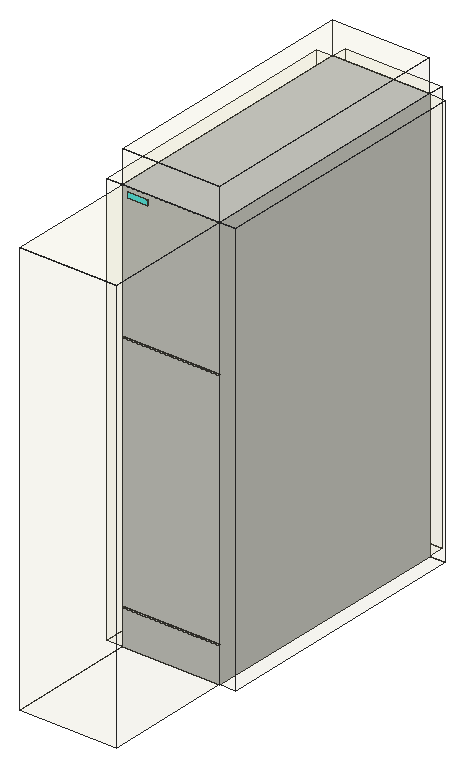
Revit family "Siemens_MV_switchgear_gas-insulated_8DA10_40.5kV", category Electrical Fixtures, Revit 2016
Family settings
  Maintain Annotation Orientation = No
  Part Type = Normal
  Round Connector Dimension = Use Diameter
  OmniClass Number = 23.80.00.00
  OmniClass Title = Electric Power and Lighting
  Work Plane-Based = No
  Always vertical = Yes
  Cut with Voids When Loaded = No
  Shared = No
  Room Calculation Point = No
Parameters (values of type "Cable connection panel")
  Product data url = "https://bimobject.com/siemens/product/Siemens_MV_switchgear_gas-insulated_8DA10_40-5kV"
  Product Guid = "e60fa22a-fdec-445f-93e5-cca8522a5483"
  Edition number = 1
  Capacitive voltage indicator at feeder = "CAPDIS-S1+; CAPDIS-S2+; LRM; VOIS+; VOIS R+; WEGA 1.2 C; WEGA 1.c Vario; WEGA 2.2 C; WEGA 3"
  B for Typ = 600 mm
  Current transformer at busbar, right panel = "n/a"
  Capacitive voltage indicator at busbar, right panel = "n/a"
  Capacitive voltage indicator at busbar = "n/a"
  Busbar connection, right panel = "n/a"
  Earthing switch at busbar, right panel = "n/a"
  Voltage transformer busbar, right panel = "n/a"
  Voltage transformer busbar, left panel = "n/a"
  Vacuum circuit breaker = "n/a"
  Release combination = "n/a"
  Number of cables (per phase) = "1 - 6"
  Panel conection = "cable with inside-cone plug; bar connection"
  Zero-sequence current transformer = "n/a"
  Kabeldurchbruch [instance] = yes
  Earthing switch at busbar, left panel = "n/a"
  Current transformer at feeder = "n/a"
  Voltage transformer at feeder = "n/a"
  Top mounted bus sectionalizer = "n/a"
  Capacitive voltage indicator at circuit breaker = "n/a"
  Capacitive voltage indicator at busbar, left panel = "n/a"
  Capacitive voltage indicator at busbar and feeder = "n/a"
  Busbar connection, left panel = "n/a"
  Busbar connection = "n/a"
  Current transformer at busbar = "without; with protection core or/and measuring core"
  Voltage transformer at busbar = "n/a"
  Earthing switch at busbar = "n/a"
  2nd three-position switch = "n/a"
  2nd electromechanical interlock = "n/a"
  2nd Protection device = "n/a"
  V4 = V = 4  # no
  V3 = V = 3  # no
  V = 2
  Protection device = "n/a"
  Operating voltage (kV) = "3.3 - 38"
  Type of arrangement Wall standing [instance] = yes
  Type of arrangement Free standing [instance] = not(Type of arrangement Wall standing)  # no
  Type of arrangement = "wall-standing; free-standing"
  Technical description MV-switchgear = "www.siemens.com/medium-voltage-switchgear"
  Switchgear type = "8DA10"
  Standards = "IEC / GOST / GB / UL"
  Specification texts = "www.siemens.com/specifications"
  Raised frame [instance] = yes
  Note = "Lateral switchgear termination have to be placed at both ends of switchgear rows, not allowed between cubicles"
  Lateral switchgear termination [instance] = LST : None
  LST_Typ [instance] = if(Lateral switchgear termination = LST_1, 1, if(Lateral switchgear termination = LST_2, 2, 3))  # 3
  LST_3 = LST : None
  LST_2 = LST : Lateral switchgear termination right
  LST_1 = LST : Lateral switchgear termination left
  PaneltypNr [instance] = 2
  Surge arrester = "n/a"
  SIMARIS planning tools = "www.siemens.com/simaris"
  Rated voltage (kV) = "4.76 - 40.5"
  Rated short-time withstand current (kA/s) = "25/3;31.5/3;40/3"
  Rated short-duration power-frequency withstand voltage (kV) = "28 - 95"
  Rated normal current busbar (A) = "1250 - 5000"
  Rated lightning impulse withstand voltage (kV) = "75 - 200"
  Rated frequency (Hz) = "50;60"
  Rated normal current feeder (A) = "1250; 2000; 2500; 2750; 3150"
  Panel type = "CC"
  Three-position switch = "manual operated; motor operated"
  Line_h1 [instance] = if(Height LV compartment 850mm, 600 mm, 900 mm)  # 600 mm
  Internal arc classification = "IAC A FL; IAC A FLR"
  Hges_Cl_Top [instance] = H + 200 mm  # 2770 mm
  Hges_Cl_H [instance] = H  # 2570 mm
  Height LV compartment 1200mm [instance] = not(Height LV compartment 850mm)  # no
  Height LV compartment 850mm [instance] = yes
  Druckabsorber_sichtbar [instance] = no
  Electromechanical interlock = "n/a"
  Clearence for only operating [instance] = yes
  Number of operating cycle = "n/a"
  T [instance] = 1625 mm  # constant formula
  Consultant support for Totally Integrated Power (TIP) = "www.siemens.com/tip-cs"
  Clearance [instance] = yes
  Rated Current = ""
  Model = "Cable connection panel"
  Manufacturer = "Siemens AG"
  IFC Classification = "Electric Distribution"
  Hges [instance] = H  # 2570 mm
  DrAb_U [instance] = 0 mm  # constant formula
  H [instance] = (if(Raised frame, 220 mm, 0 mm)) + 1500 mm + (if(Height LV compartment 850mm, 850 mm, 1200 mm))  # 2570 mm
  Manufacturer = "Siemens AG"
  Cl_v_T [instance] = if(Clearence for only operating, 800 mm, 800 mm)  # 800 mm
  Cl_r_B [instance] = if(and(LST_Typ = 2, not(Clearence for only operating)), B_all + 500 mm, B_all + 100 mm)  # 700 mm
  Cl_l_B [instance] = if(and(LST_Typ = 1, not(Clearence for only operating)), -500 mm, -100 mm)  # -100 mm
  Cl_H_T [instance] = if(Type of arrangement Wall standing, 100 mm, 800 mm)  # 100 mm
  Degree of protection = "IP 3XD; IP31D; IP41; IP65; IK07"
  B_all [instance] = if(V = 2, B, if(V = 3, B + 310 mm, 2 * B))  # 600 mm
  B [instance] = if(or(LST_Typ = 1, LST_Typ = 2), B for Typ + 125 mm, B for Typ)  # 600 mm
  Accessory = "Lateral switchgear termination"
  1st electromechanical interlock = "n/a"
Types (6, lengths in mm): name | Capacitive voltage indicator at feeder | B for Typ | Current transformer at busbar, right panel | Capacitive voltage indicator at busbar, right panel | Capacitive voltage indicator at busbar | Busbar connection, right panel | Earthing switch at busbar, right panel | Voltage transformer busbar, right panel | Voltage transformer busbar, left panel | Vacuum circuit breaker | Release combination | Number of cables (per phase) | Panel conection | Zero-sequence current transformer | Kabeldurchbruch | Earthing switch at busbar, left panel | Current transformer at feeder | Voltage transformer at feeder | Top mounted bus sectionalizer | Capacitive voltage indicator at circuit breaker | Capacitive voltage indicator at busbar, left panel | Capacitive voltage indicator at busbar and feeder | Busbar connection, left panel | Busbar connection | Current transformer at busbar | Voltage transformer at busbar | Earthing switch at busbar | 2nd three-position switch | 2nd electromechanical interlock | 2nd Protection device | Protection device | Lateral switchgear termination | LST_Typ | Surge arrester | Rated normal current feeder (A) | Panel type | Three-position switch | Electromechanical interlock | Number of operating cycle | Model | Cl_r_B | B_all | B | 1st electromechanical interlock
  Circuit-breaker panel | "n/a" | 600 | "n/a" | "n/a" | "n/a" | "n/a" | "n/a" | "n/a" | "n/a" | "n/a" | "n/a" | "1 - 6" | "with inside-cone plug; bar connection" | "without; with" | yes | "n/a" | "without; with protection core or/and measuring core" | "without; directly plugged-in; plugged-in with cable connection" | "without; with" | "n/a" | "n/a" | "CAPDIS-S1+; CAPDIS-S2+; LRM; VOIS+; VOIS R+; WEGA 1.2 C; WEGA 1.c Vario; WEGA 2.2 C; WEGA 3" | "n/a" | "without; with; with three-position disconnector" | "without; with protection core or/and measuring core" | "without; with; with three-position switch" | "without; earthing switch; make-proof earthing switch" | "n/a" | "n/a" | "without; with (see www.siemens.com/protection)" | "with (further informations: www.siemens.com/protection)" | LST : None | 3 | "without;with" | "1250A: 2000A; 2500A; 2750A; 3150A" | "LS" | "manual operated; motor operated" | "without; Earthing switch; Disconnector; Disconnector and earthing switch" | "2000/1000/-" | "Circuit-breaker panel" | 700 | 600 | 600 | "n/a"
  Bus sectionalizer longtudinal | "n/a" | 1200 | "without; with protection core" | "without; CAPDIS-S1+; CAPDIS-S2+; LRM; VOIS+; VOIS R+; WEGA 1.2 C; WEGA 1.c Vario; WEGA 2.2 C; WEGA 3" | "n/a" | "without; with; with three-position disconnector" | "without; earthing switch; make-proof earthing switch" | "without; with; with three-position switch" | "without; with; with three-position switch" | "right panel; left panel" | "1f (-Y1); 2f (-Y1, -Y2); 1f (-Y1) + 1r (-Y7); 2f- (-Y1, -Y2) + 1r (-Y7)" | "n/a" | "n/a" | "n/a" | no | "without; earthing switch; make-proof earthing switch" | "n/a" | "n/a" | "n/a" | "same panel as circuit breaker: CAPDIS-S1+; CAPDIS-S2+; LRM; VOIS+; VOIS R+; WEGA 1.2 C; WEGA 1.c Vario; WEGA 2.2 C; WEGA 3" | "without; CAPDIS-S1+; CAPDIS-S2+; LRM; VOIS+; VOIS R+; WEGA 1.2 C; WEGA 1.c Vario; WEGA 2.2 C; WEGA 3" | "n/a" | "without; with; with three-position disconnector" | "n/a" | "without; same panel as circuit breaker and with protection core or/and measuring core" | "n/a" | "n/a" | "manual operated; motor operated" | "without; Earthing switch; Disconnector; Disconnector and earthing switch" | "n/a" | "with (further informations: www.siemens.com/protection)" | LST : Lateral switchgear termination left | 1 | "n/a" | "1250A: 2000A; 2500A; 2750A; 3150A" | "LK" | "manual operated; motor operated" | "n/a" | "at rated normal current: 10000; optional 30000 / at rated short-cicuit breaking current: 50" | "Bus sectionalizer longtudinal" | 1425 | 1325 | 1325 | "without; Earthing switch; Disconnector; Disconnector and earthing switch"
  Metering panel | "n/a" | 600 | "n/a" | "n/a" | "without; CAPDIS-S1+; CAPDIS-S2+; LRM; VOIS+; VOIS R+; WEGA 1.2 C; WEGA 1.c Vario; WEGA 2.2 C; WEGA 3" | "n/a" | "n/a" | "n/a" | "n/a" | "n/a" | "n/a" | "n/a" | "n/a" | "n/a" | no | "n/a" | "n/a" | "without; 3 x single-pole; 3 x single-pole with earth-fault winding and damping resistor" | "n/a" | "n/a" | "n/a" | "n/a" | "n/a" | "n/a" | "without; with protection core or/and measuring core" | "without; with; with three-position switch" | "without; earthing switch; make-proof earthing switch" | "n/a" | "n/a" | "n/a" | "n/a" | LST : None | 3 | "n/a" | "n/a" | "ME" | "manual operated; motor operated" | "n/a" | "n/a" | "Metering panel" | 700 | 600 | 600 | "n/a"
  Cable connection panel | "CAPDIS-S1+; CAPDIS-S2+; LRM; VOIS+; VOIS R+; WEGA 1.2 C; WEGA 1.c Vario; WEGA 2.2 C; WEGA 3" | 600 | "n/a" | "n/a" | "n/a" | "n/a" | "n/a" | "n/a" | "n/a" | "n/a" | "n/a" | "1 - 6" | "cable with inside-cone plug; bar connection" | "n/a" | yes | "n/a" | "n/a" | "n/a" | "n/a" | "n/a" | "n/a" | "n/a" | "n/a" | "n/a" | "without; with protection core or/and measuring core" | "n/a" | "n/a" | "n/a" | "n/a" | "n/a" | "n/a" | LST : None | 3 | "n/a" | "1250; 2000; 2500; 2750; 3150" | "CC" | "manual operated; motor operated" | "n/a" | "n/a" | "Cable connection panel" | 700 | 600 | 600 | "n/a"
  Empty panel | "n/a" | 600 | "n/a" | "n/a" | "n/a" | "n/a" | "n/a" | "n/a" | "n/a" | "n/a" | "n/a" | "n/a" | "n/a" | "n/a" | no | "n/a" | "n/a" | "n/a" | "n/a" | "n/a" | "n/a" | "n/a" | "n/a" | "n/a" | "n/a" | "n/a" | "n/a" | "n/a" | "n/a" | "n/a" | "n/a" | LST : None | 3 | "n/a" | "n/a" | "EP" | "n/a" | "n/a" | "n/a" | "Empty panel" | 700 | 600 | 600 | "n/a"
  Disconnector panel | "n/a" | 600 | "n/a" | "n/a" | "n/a" | "n/a" | "n/a" | "n/a" | "n/a" | "n/a" | "n/a" | "1 - 6" | "with inside-cone plug; bar connection" | "without; with" | yes | "n/a" | "without; with protection core or/and measuring core" | "without; directly plugged-in; plugged-in with cable connection" | "without; with" | "n/a" | "n/a" | "CAPDIS-S1+; CAPDIS-S2+; LRM; VOIS+; VOIS R+; WEGA 1.2 C; WEGA 1.c Vario; WEGA 2.2 C; WEGA 3" | "n/a" | "without; with; with three-position disconnector" | "without; with protection core or/and measuring core" | "without; with; with three-position switch" | "without; earthing switch; make-proof earthing switch" | "n/a" | "n/a" | "without; with (see www.siemens.com/protection)" | "with (further informations: www.siemens.com/protection)" | LST : None | 3 | "without;with" | "1250A: 2000A; 2500A; 2750A; 3150A" | "TS" | "manual operated; motor operated" | "without; Earthing switch; Disconnector; Disconnector and earthing switch" | "2000/1000/-" | "Disconnector panel" | 700 | 600 | 600 | "n/a"
Reference planes
  plane 1 "Mitte (Vorne/Hinten)": y = 0
  plane 2: z = 0
  plane 3 "Mitte (Links/Rechts)": x = 0
  plane 4 "Schrankunterkante": z = 0
  plane 5 "Hinterkant Schrank": y = 1625
  plane 6: z = 2570
  plane 7 "H": z = 2570
  plane 8 "EP -RRT -R": x = 600
  plane 9 "Linien": y = -1
Forms (mm)
  Extrusion 1, solid, material "Glas unsichtbar", visible <- "Clearance"
    sketch origin (0, 0, 0) x (0, 1, 0) y (0, 0, 1)
      loop
        line (0, 2570) -> (-800, 2570) -> (-800, 0) -> (0, 0) -> (0, 2570)
    from 0 to 600 <- "B_all"
  Extrusion 2, solid, material "Glas unsichtbar", visible <- "Clearance"
    sketch origin (0, 2746.306, -1522.302) x (0, 1, 0) y (0, 0, 1)
      loop
        line (-1121.306, 4092.302) -> (-2746.306, 4092.302) -> (-2746.306, 1522.302) -> (-1121.306, 1522.302) -> (-1121.306, 4092.302)
    from -100 <- "Cl_l_B" to 0
  Extrusion 3, solid, material "Glas unsichtbar", visible <- "Clearance"
    sketch origin (0, -2515.375, 1319.373) x (0, 1, 0) y (0, 0, 1)
      loop
        line (4140.375, 1250.627) -> (2515.375, 1250.627) -> (2515.375, -1319.373) -> (4140.375, -1319.373) -> (4140.375, 1250.627)
    from 600 <- "B_all" to 700 <- "Cl_r_B"
  Extrusion 4, solid, material "Glas unsichtbar", visible <- "Clearance"
    sketch origin (0, 889.07, 278.53) x (0, 1, 0) y (0, 0, 1)
      loop
        line (835.93, -278.53) -> (835.93, 2291.47) -> (735.93, 2291.47) -> (735.93, -278.53) -> (835.93, -278.53)
    from 0 to 600 <- "B_all"
  Extrusion 5, solid, material "Glas unsichtbar", visible <- "Clearance"
    sketch origin (0, -5930.661, 4152.693) x (0, 1, 0) y (0, 0, 1)
      loop
        line (7555.661, -1382.693) -> (5930.661, -1382.693) -> (5930.661, -1582.693) -> (7555.661, -1582.693) -> (7555.661, -1382.693)
    from 0 to 600 <- "B_all"
Dimensions and locks
  "Cl_v_T": Extrusion 1 sketch curve to Extrusion 1 sketch curve
  "DrAb_U": plane 4 "Schrankunterkante" to plane 2
  "Hges": Extrusion 1 sketch curve to Extrusion 1 sketch curve
  "T": Extrusion 2 sketch curve to Extrusion 2 sketch curve
  "Hges": Extrusion 2 sketch curve to Extrusion 2 sketch curve
  "T": Extrusion 3 sketch curve to Extrusion 3 sketch curve
  "Hges": Extrusion 3 sketch curve to Extrusion 3 sketch curve
  "Cl_H_T": Extrusion 4 sketch curve to Extrusion 4 sketch curve
  "T": plane 5 "Hinterkant Schrank" to plane 1 "Mitte (Vorne/Hinten)"
  "T": Extrusion 5 sketch curve to Extrusion 5 sketch curve
  "Hges": plane 6 to level
  "Hges_Cl_H": Extrusion 4 sketch curve to Extrusion 4 sketch curve
  "Hges_Cl_Top": Extrusion 5 sketch curve to level
  "H": plane 4 "Schrankunterkante" to plane 7 "H"
  nested 1 to nested 1 = 600 mm
  "B": plane 3 "Mitte (Links/Rechts)" to plane 8 "EP -RRT -R"
  plane 1 "Mitte (Vorne/Hinten)" to plane 9 "Linien" = 1 mm
  aligned and locked: level to plane 2
  aligned and locked: plane 1 "Mitte (Vorne/Hinten)" to Extrusion 1 sketch curve
  aligned and locked: Extrusion 2 to level
  aligned and locked: plane 1 "Mitte (Vorne/Hinten)" to Extrusion 2
  aligned and locked: Extrusion 3 to level
  aligned and locked: plane 1 "Mitte (Vorne/Hinten)" to Extrusion 3
  aligned and locked: Extrusion 4 to level
  aligned and locked: plane 5 "Hinterkant Schrank" to Extrusion 4
  aligned and locked: Extrusion 5 to plane 6
  aligned and locked: plane 1 "Mitte (Vorne/Hinten)" to Extrusion 5
  aligned and locked: plane 3 "Mitte (Links/Rechts)" to nested 1
  aligned and locked: nested 1 to level
  aligned and locked: plane 5 "Hinterkant Schrank" to nested 1
Automatic sketch dimensions
  plane 1 "Mitte (Vorne/Hinten)" to Extrusion 5 sketch curve = 0 mm
  Extrusion 5 sketch curve to plane 4 "Schrankunterkante" = 2570 mm
  Extrusion 2 sketch curve to plane 1 "Mitte (Vorne/Hinten)" = 0 mm
  Extrusion 2 sketch curve to level = 0 mm
  Extrusion 3 sketch curve to plane 1 "Mitte (Vorne/Hinten)" = 0 mm
  Extrusion 3 sketch curve to level = 0 mm
  Extrusion 4 sketch curve to level = 0 mm
  Extrusion 4 sketch curve to plane 5 "Hinterkant Schrank" = 0 mm
  Extrusion 1 sketch curve to level = 0 mm
Nested families
  nested 1: "8DA - Basic" at (0, 1625, 0), B <- "B", H <- "H", T <- "T", LST_Typ <- "LST_Typ", Raised frame <- "Raised frame", Kabeldurchbruch <- "Kabeldurchbruch", type "Test"
    with XB_AE 1625 mm, T 1625 mm, Sch_h1 2540 mm, Sch_ab1 30 mm, Raised frame yes, LST_Typ 3, Kabeldurchbruch yes, Kab_u_t 1145 mm, Kab_u_b 510 mm, Kab_u_ab_vh 80 mm, Kab_u2_b1 900 mm, Kab_u1_b1 45 mm, Kab_mit 1, H 2570 mm, GK1_t 1625 mm, GK1_h 2570 mm, Bef_b1 0 mm, Bef2_sichtbar no, Bef2_b1 600 mm, B 600 mm, Ab4_b2 910 mm, Ab4_b1 900 mm, Ab3_b2 710 mm, Ab3_b1 700 mm, Ab2_h1 1720 mm, Ab2_b2 600 mm, Ab2_b1 0 mm, Ab1_h1 220 mm, Ab1_b2 600 mm, Ab1_b1 0 mm
Definition of nested family "8DA - Basic"
  Parameters (values of type "Test")
    XB_AE [instance] = T  # 1625 mm
    T [instance] = 1625 mm
    Sch_h1 [instance] = H - 30 mm  # 2540 mm
    Sch_ab1 [instance] = if(LST_Typ = 1, 152 mm + 30 mm, 30 mm)  # 182 mm
    Raised frame [instance] = yes
    PA_b = 80 mm  # constant formula
    Manufacturer = "Siemens AG"
    LST_Typ [instance] = 1
    Kabeldurchbruch [instance] = yes
    Kab_u_t [instance] = 1145 mm  # constant formula
    Kab_u_b [instance] = 600 mm - (2 mm * 45)  # 510 mm
    Kab_u2_b1 [instance] = if(B < 1000 mm, B + 300 mm, Kab_u1_b1 + 600 mm)  # 797 mm
    Kab_u1_b1 [instance] = if(Kabeldurchbruch, if(LST_Typ = 1, 152 mm + 45 mm, 45 mm), B + 400 mm)  # 197 mm
    Kab_u_ab_vh [instance] = 80 mm  # constant formula
    Kab_mit [instance] = 1
    IFC Classification = "Electric Distribution"
    H [instance] = 2570 mm
    built-in parameter 1010108 = "Siemens AG"
    GK1_t [instance] = T  # 1625 mm
    GK1_h [instance] = H  # 2570 mm
    Bef_b1 [instance] = if(LST_Typ = 1, 152 mm, if(LST_Typ = 2, 0 mm, 0 mm))  # 152 mm
    Bef2_sichtbar [instance] = B > 1000 mm  # yes
    Bef2_b1 [instance] = if(LST_Typ = 1, 152 mm, if(LST_Typ = 2, 0 mm, 0 mm)) + 600 mm  # 752 mm
    B [instance] = 1352 mm
    Ab4_b2 [instance] = Ab4_b1 + 10 mm  # 757 mm
    Ab4_b1 [instance] = if(B < 1000 mm, B + 300 mm, if(LST_Typ = 1, (B - 152 mm) / 2 - 5 mm + 152 mm, if(LST_Typ = 2, (B - 152 mm) / 2 - 5 mm, B / 2 - 5 mm)))  # 747 mm
    Ab3_b2 [instance] = Ab3_b1 + 10 mm  # 162 mm
    Ab3_b1 [instance] = if(LST_Typ = 1, 152 mm, if(LST_Typ = 2, B - 152 mm - 10 mm, B + 100 mm))  # 152 mm
    Ab2_h1 [instance] = if(Raised frame, 220 mm + 1500 mm, 1500 mm)  # 1720 mm
    Ab2_b2 [instance] = if(LST_Typ = 2, B - 152 mm - 10 mm, Ab1_b1 + B)  # 1504 mm
    Ab2_b1 [instance] = if(LST_Typ = 1, 152 mm, if(LST_Typ = 2, 0 mm, 0 mm))  # 152 mm
    Ab1_h1 [instance] = if(Raised frame, 220 mm, 4000 mm)  # 220 mm
    Ab1_b2 [instance] = if(LST_Typ = 2, B - 152 mm - 10 mm, Ab1_b1 + B)  # 1504 mm
    Ab1_b1 [instance] = if(LST_Typ = 1, 152 mm, if(LST_Typ = 2, 0 mm, 0 mm))  # 152 mm
  Reference planes
    plane 1 "Mitte (Vorne/Hinten)": y = 0
    plane 2: z = 0
    plane 3 "Mitte (Links/Rechts)": x = 0
    plane 4 "Bedienelemente": y = -1625
    plane 5 "Kabeldurchbruch": y = -491
    plane 6: x = 1352
  Forms (mm)
    Extrusion 1, solid
      sketch origin (0, 0, 0) x (0, 1, 0) y (0, 0, 1)
        loop
          line (-1625, 0) -> (0, 0) -> (0, 2570) -> (-1625, 2570) -> (-1625, 0)
      from 0 to 1352 <- "B"
    Extrusion 2, void
      sketch origin (0, 216.337, -0.433) x (0, 1, 0) y (0, 0, 1)
        loop
          line (-1831.337, 230.433) -> (-1841.337, 230.433) -> (-1841.337, 220.433) -> (-1831.337, 220.433) -> (-1831.337, 230.433)
      from 152 <- "Ab1_b1" to 1504 <- "Ab1_b2"
    Extrusion 3, void
      sketch origin (0, 209.745, 34.036) x (0, 1, 0) y (0, 0, 1)
        loop
          line (-1824.745, 1685.964) -> (-1824.745, 1695.964) -> (-1834.745, 1695.964) -> (-1834.745, 1685.964) -> (-1824.745, 1685.964)
      from 152 <- "Ab2_b1" to 1504 <- "Ab2_b2"
    Extrusion 4, void
      sketch origin (0, 0, 0) x (0, 1, 0) y (0, 0, 1)
        loop
          line (-1625, 2570) -> (-1625, 0) -> (-1615, 0) -> (-1615, 2570) -> (-1625, 2570)
      from 152 <- "Ab3_b1" to 162 <- "Ab3_b2"
    Extrusion 5, void
      sketch origin (0, -50, 0) x (0, 1, 0) y (0, 0, 1)
        loop
          line (-1575, 2570) -> (-1575, 0) -> (-1565, 0) -> (-1565, 2570) -> (-1575, 2570)
      from 747 <- "Ab4_b1" to 757 <- "Ab4_b2"
    Extrusion 6, void
      sketch origin (0, 0, 0) x (1, 0, 0) y (0, 1, 0)
        loop
          line (197, -80) -> (197, -1225) -> (707, -1225) -> (707, -80) -> (197, -80)
      from 0 to 10
    Extrusion 7, void
      sketch origin (0, 0, 0) x (1, 0, 0) y (0, 1, 0)
        loop
          line (797, -80) -> (797, -1225) -> (1307, -1225) -> (1307, -80) -> (797, -80)
      from 0 to 10
  Cuts and joins
    Extrusion 2, Extrusion 3, Extrusion 4, Extrusion 5, Extrusion 6, Extrusion 7 cuts Extrusion 1
  Dimensions and locks
    "GK1_h": Extrusion 1 sketch curve to Extrusion 1 sketch curve
    "XB_AE": plane 1 "Mitte (Vorne/Hinten)" to plane 4 "Bedienelemente"
    "GK1_t": Extrusion 1 sketch curve to Extrusion 1 sketch curve
    plane 5 "Kabeldurchbruch" to plane 1 "Mitte (Vorne/Hinten)" = 491 mm
    "Sch_h1": nested 1 to level
    "Sch_ab1": nested 1 to plane 3 "Mitte (Links/Rechts)"
    "B": plane 3 "Mitte (Links/Rechts)" to plane 6
    "Ab1_h1": Extrusion 2 sketch curve to level
    locked: Extrusion 2 sketch curve to Extrusion 2 sketch curve at 10  (x2)
    "T": plane 1 "Mitte (Vorne/Hinten)" to Extrusion 2 sketch curve
    locked: Extrusion 3 sketch curve to Extrusion 3 sketch curve at 10  (x2)
    "Ab2_h1": Extrusion 3 sketch curve to level
    "T": plane 1 "Mitte (Vorne/Hinten)" to Extrusion 3 sketch curve
    "H": Extrusion 4 sketch curve to Extrusion 4 sketch curve
    locked: Extrusion 4 sketch curve to Extrusion 4 sketch curve at 10
    "T": plane 1 "Mitte (Vorne/Hinten)" to Extrusion 4 sketch curve
    "H": Extrusion 5 sketch curve to Extrusion 5 sketch curve
    locked: Extrusion 5 sketch curve to Extrusion 5 sketch curve at 10
    "T": plane 1 "Mitte (Vorne/Hinten)" to Extrusion 5 sketch curve
    cut or joined group of Extrusion 1, Extrusion 2, Extrusion 3, Extrusion 4, Extrusion 5, Extrusion 6, Extrusion 7 to cut or joined group of Extrusion 1, Extrusion 2, Extrusion 3, Extrusion 4, Extrusion 5, Extrusion 6, Extrusion 7 = 1720 mm
    "Bef_b1": plane 3 "Mitte (Links/Rechts)" to nested 2
    "Bef2_b1": plane 3 "Mitte (Links/Rechts)" to nested 3
    "Kab_u_b": Extrusion 6 sketch curve to Extrusion 6 sketch curve
    "Kab_u_t": Extrusion 6 sketch curve to Extrusion 6 sketch curve
    "Kab_u_ab_vh": Extrusion 6 sketch curve to plane 1 "Mitte (Vorne/Hinten)"
    "Kab_u1_b1": plane 3 "Mitte (Links/Rechts)" to Extrusion 6 sketch curve
    "Kab_u_t": Extrusion 7 sketch curve to Extrusion 7 sketch curve
    "Kab_u_ab_vh": Extrusion 7 sketch curve to plane 1 "Mitte (Vorne/Hinten)"
    "Kab_u_b": Extrusion 7 sketch curve to Extrusion 7 sketch curve
    "Kab_u2_b1": plane 3 "Mitte (Links/Rechts)" to Extrusion 7 sketch curve
    aligned and locked: level to plane 2
    aligned and locked: level to Extrusion 1 sketch curve
    aligned and locked: plane 1 "Mitte (Vorne/Hinten)" to Extrusion 1 sketch curve
    aligned and locked: plane 4 "Bedienelemente" to nested 1
    aligned and locked: plane 1 "Mitte (Vorne/Hinten)" to nested 2
    aligned and locked: Extrusion 4 sketch curve to level
    aligned and locked: plane 1 "Mitte (Vorne/Hinten)" to nested 3
  Automatic sketch dimensions
    Extrusion 5 sketch curve to level = 0 mm
  Nested families
    nested 1: "Siemens Schild" at (262, -1625, 2545), type "Test"
    nested 2: "Befestigung 600mm" at (452, 0, 0), type "Fastening"
    nested 3: "Befestigung 600mm" at (1052, 0, 0), visible <- "Bef2_sichtbar", type "Fastening"
  Definition of nested family "Siemens Schild"
    Parameters (values of type "Test")
      Schild_Text_Tiefe = 0 mm  # constant formula
      Schild_Text_H = Schild_G_H - 10 mm  # 20 mm
      Schild_Text_T1 = Schild_T + Schild_G_T + 0.5 mm  # 6.5 mm
      Schild_T = 5 mm
      Schild_Rand = 5 mm
      Schild_L2 = Schild_L / 2  # 50 mm
      Schild_L = 100 mm  # constant formula
      Schild_H = 80 mm
      Schild_G_T = 1 mm
      Schild_G_L = 125 mm  # constant formula
      Schild_G_H = 30 mm  # constant formula
      Manufacturer = "Siemens AG"
      IFC Classification = "Electric Distribution"
      built-in parameter 1010108 = "Siemens AG"
    Reference planes
      plane 1 "Mitte (Vorne/Hinten)": y = 0
      plane 2: z = 0
      plane 3 "Mitte (Links/Rechts)": x = 0
      plane 4 "Einfiegefläche_Text": y = -1.5
    Forms (mm)
      Extrusion 1, solid
        sketch origin (-265.883, 0, -2089.227) x (1, 0, 0) y (0, 0, 1)
          loop
            line (185.883, 2054.227) -> (310.883, 2054.227) -> (310.883, 2084.227) -> (185.883, 2084.227) -> (185.883, 2054.227)
        from 0 to 1
    Dimensions and locks
      "Schild_G_L": Extrusion 1 sketch curve to Extrusion 1 sketch curve
      "Schild_G_H": Extrusion 1 sketch curve to Extrusion 1 sketch curve
      locked: plane 1 "Mitte (Vorne/Hinten)" to plane 4 "Einfiegefläche_Text" at 1.5
      aligned and locked: level to plane 2
    Automatic sketch dimensions
      Extrusion 1 sketch curve to level = 5 mm
      Extrusion 1 sketch curve to plane 3 "Mitte (Links/Rechts)" = 80 mm
  Definition of nested family "Befestigung 600mm"
    Parameters (values of type "Fastening")
      visible2 = 2 > 1  # yes
      WidthUpTo840 = and(not(Width620), not(Width840))  # yes
      WidthUpTo620 = not(Width620)  # yes
      Width840 = if(Width = 840 mm, 1 < 2, 1 > 2)  # no
      Width620 = if(Width = 620 mm, 1 < 2, 1 > 2)  # no
      Width = 600 mm
      Visible = 1 > 2  # no
      Depth = 1625 mm
      Cable cutout = if(or(Width = 430 mm, Width = 310 mm), 400 mm, if(Width = 500 mm, 380 mm, if(or(Width = 620 mm, Width = 840 mm), 250 mm, 400 mm)))  # 400 mm
      Cable Compartment Depth 575 = no
      Cable Compartment Depth 430 = no
      620andCC575 = if(and(Width620, Cable Compartment Depth 575), 1 < 2, 1 > 2)  # no
      620andCC430 = if(and(Width620, Visible), 1 < 2, 1 > 2)  # no
    Reference planes
      plane 1 "Center (Front/Back)": y = 0
      plane 2: z = 0
      plane 3 "Center (Left/Right)": x = 0
      plane 4: x = 300
      plane 5: x = -300
      plane 6: z = 2046
      plane 7: y = -1625
      plane 8: z = 2200
      plane 9: y = -40
      plane 10: x = -270
      plane 11: x = -290
      plane 12: x = 270
      plane 13: x = 290
      plane 14: y = -1275
      plane 15: y = -1255
      plane 16: y = -748
      plane 17: y = -893
      plane 18: y = -1305
    Lines and regions (mm)
      model lines
        curve 1: line (-300, 0, 0) -> (300, 0, 0)
        curve 2: line (-300, -1625, 0) -> (-300, 0, 0)
        curve 3: line (300, -1625, 0) -> (-300, -1625, 0)
        curve 4: line (300, 0, 0) -> (300, -1625, 0)
      model lines, visible <- "visible2"
        curve 5: line (-222.5, -1275, 0) -> (-222.5, -1255, 0)
        curve 6: line (-222.5, -1255, 0) -> (-182.5, -1255, 0)
        curve 7: line (-182.5, -1255, 0) -> (-182.5, -1275, 0)
        curve 8: line (-222.5, -1275, 0) -> (-182.5, -1275, 0)
        curve 9: line (182.5, -1275, 0) -> (182.5, -1255, 0)
        curve 10: line (182.5, -1255, 0) -> (222.5, -1255, 0)
        curve 11: line (222.5, -1255, 0) -> (222.5, -1275, 0)
        curve 12: line (182.5, -1275, 0) -> (222.5, -1275, 0)
        curve 13: line (-222.5, -50, 0) -> (-222.5, -30, 0)
        curve 14: line (-222.5, -30, 0) -> (-182.5, -30, 0)
        curve 15: line (-182.5, -30, 0) -> (-182.5, -50, 0)
        curve 16: line (-222.5, -50, 0) -> (-182.5, -50, 0)
        curve 17: line (182.5, -50, 0) -> (182.5, -30, 0)
        curve 18: line (182.5, -30, 0) -> (222.5, -30, 0)
        curve 19: line (222.5, -30, 0) -> (222.5, -50, 0)
        curve 20: line (182.5, -50, 0) -> (222.5, -50, 0)
    Dimensions and locks
      equal spacing: plane 5, plane 3 "Center (Left/Right)", plane 4
      "Width": plane 5 to plane 4
      plane 8 to plane 2 = 2200 mm
      plane 6 to plane 2 = 2046 mm
      locked: plane 13 to plane 4 at 10
      locked: plane 12 to plane 13 at 20
      locked: plane 5 to plane 11 at 10
      locked: plane 11 to plane 10 at 20
      locked: plane 15 to plane 14 at 20
      curve 15 to plane 3 "Center (Left/Right)" to curve 17 = 182.5 mm locked, 182.5 mm locked
      locked: curve 17 to curve 19 at 40
      locked: curve 13 to curve 15 at 40
      plane 9 to plane 1 "Center (Front/Back)" = 40 mm
      plane 18 to plane 1 "Center (Front/Back)" = 1305 mm
      "Depth": plane 7 to plane 1 "Center (Front/Back)"
      plane 15 to plane 9 = 1215 mm
      aligned and locked: plane 2 to level
      aligned and locked: plane 1 "Center (Front/Back)" to curve 1
      aligned and locked: curve 2 to plane 5
      aligned and locked: plane 7 to curve 3
      aligned and locked: curve 4 to plane 4
      aligned and locked: curve 6 to plane 15
      aligned and locked: curve 8 to plane 14
      aligned and locked: curve 10 to plane 15
      aligned and locked: curve 12 to plane 14
      aligned and locked: curve 5 to curve 13
      aligned and locked: curve 15 to curve 7
      aligned and locked: curve 9 to curve 17
      aligned and locked: curve 19 to curve 11
    Automatic sketch dimensions
      plane 9 to curve 20 = 10 mm
      plane 9 to curve 16 = 10 mm
      curve 19 to plane 9 = 10 mm
      curve 15 to plane 9 = 10 mm
